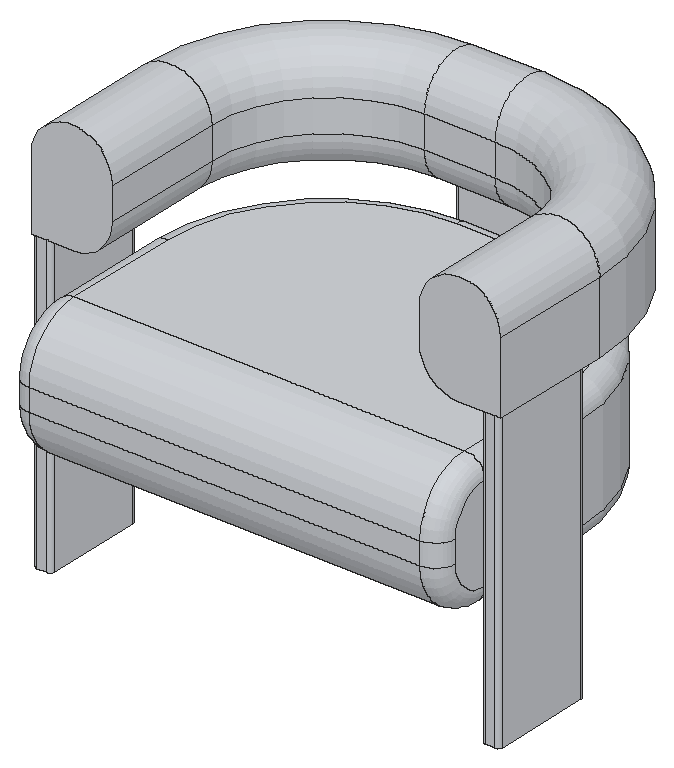
Revit family "Gohome_ClubLounge_SingleSeat_R19", category Furniture, Revit 2019
Family settings
  OmniClass Number = 23.40.20.00
  OmniClass Title = General Furniture and Specialties
  Work Plane-Based = No
  Always vertical = Yes
  Cut with Voids When Loaded = No
  Shared = No
  Room Calculation Point = No
Parameters (values of type "Club Single Seat Lounge")
  With Screen = no
  Width = 830 mm  # constant formula
  URL = "www.gohome.com.au"
  Timber Leg Material = none
  Upholstery Material = none
  Seat Height = 450 mm  # constant formula
  Model = "Club Single Seat Lounge"
  Manufacturer = "gohome"  # constant formula
  Height = if(With Screen, 1300 mm, 730 mm)  # 730 mm
  Designer = "Ben McCarthy"  # constant formula
  Depth = 630 mm  # constant formula
  Contact = "phone: +61 2 9565 5510 / email: sales@gohome.com.au"  # constant formula
Types (3, lengths in mm): name | With Screen | Model | Height
  (no name) | no | "Club Single Seat Lounge" | 730
  Club Single Seat Lounge | no | "Club Single Seat Lounge" | 730
  Club Single Seat w/Screen Lounge | yes | "Club Single Seat w/Screen Lounge" | 1300
Reference planes
  plane 1 "Center (Front/Back)": y = 0
  plane 2: z = 0
  plane 3 "Center (Left/Right)": x = 0
  plane 4: x = -415
  plane 5: y = 313
  plane 6: x = 415
  plane 7: y = -317
Forms (mm)
  Extrusion 1, solid, material <- "Timber Leg Material"
    sketch origin (0, 0, 0) x (1, 0, 0) y (0, 1, 0)
      loop
        arc (-407.5, -35) -> (-412.803, -37.197) -> (-415, -42.5) r 7.5
        line (-415, -42.5) -> (-415, -217.5)
        arc (-415, -217.5) -> (-412.803, -222.803) -> (-407.5, -225) r 7.5
        line (-407.5, -225) -> (-390.5, -225)
        arc (-390.5, -225) -> (-385.197, -222.803) -> (-383, -217.5) r 7.5
        line (-383, -217.5) -> (-383, -42.5)
        arc (-383, -42.5) -> (-385.197, -37.197) -> (-390.5, -35) r 7.5
        line (-390.5, -35) -> (-407.5, -35)
      loop
        arc (390.5, -35) -> (385.197, -37.197) -> (383, -42.5) r 7.5
        line (383, -42.5) -> (383, -217.5)
        arc (383, -217.5) -> (385.197, -222.803) -> (390.5, -225) r 7.5
        line (390.5, -225) -> (407.5, -225)
        arc (407.5, -225) -> (412.803, -222.803) -> (415, -217.5) r 7.5
        line (415, -217.5) -> (415, -42.5)
        arc (415, -42.5) -> (412.803, -37.197) -> (407.5, -35) r 7.5
        line (407.5, -35) -> (390.5, -35)
      loop
        arc (-87.5, 345) -> (-92.803, 342.803) -> (-95, 337.5) r 7.5
        line (-95, 337.5) -> (-95, 320.5)
        arc (-95, 320.5) -> (-92.803, 315.197) -> (-87.5, 313) r 7.5
        line (-87.5, 313) -> (87.5, 313)
        arc (87.5, 313) -> (92.803, 315.197) -> (95, 320.5) r 7.5
        line (95, 320.5) -> (95, 337.5)
        arc (95, 337.5) -> (92.803, 342.803) -> (87.5, 345) r 7.5
        line (87.5, 345) -> (-87.5, 345)
    from 0 to 530
  Extrusion 2, solid, material <- "Upholstery Material"
    sketch origin (0, 0, 0) x (0, 1, 0) y (0, 0, 1)
      loop
        arc (-217, 415) -> (-262.962, 395.962) -> (-282, 350) r 65
        line (-282, 350) -> (-282, 310)
        arc (-282, 310) -> (-262.962, 264.038) -> (-217, 245) r 65
        line (-217, 245) -> (-217, 415)
    from -383 to 383
  Extrusion 3, solid, material <- "Upholstery Material"
    sketch origin (0, 0, 0) x (1, 0, 0) y (0, 1, 0)
      loop
        line (-348, -217) -> (348, -217) -> (348, -7)
        arc (348, -7) -> (264.525, 194.525) -> (63, 278) r 285
        line (63, 278) -> (-63, 278)
        arc (-63, 278) -> (-264.525, 194.525) -> (-348, -7) r 285
        line (-348, -7) -> (-348, -217)
    from 210 to 450
  Sweep 4, solid, material <- "Upholstery Material"
    path origin (0, 0, 0) x (1, 0, 0) y (0, 1, 0)
      loop
        line (348, -217) -> (348, -7)
        arc (348, -7) -> (264.525, 194.525) -> (63, 278) r 285
        line (63, 278) -> (-63, 278)
        arc (-63, 278) -> (-264.525, 194.525) -> (-348, -7) r 285
        line (-348, -7) -> (-348, -217)
    profile origin (348, -112, 0) x (1, 0, 0) y (0, 0, 1)
      loop
        line (0, 450) -> (0, 210)
        arc (0, 210) -> (24.749, 220.251) -> (35, 245) r 35
        line (35, 245) -> (35, 415)
        arc (35, 415) -> (24.749, 439.749) -> (0, 450) r 35
  Sweep 5, solid, material <- "Upholstery Material"
    path origin (0, 0, 0) x (0, 1, 0) y (0, 0, 1)
      loop
        arc (-217, 415) -> (-262.962, 395.962) -> (-282, 350) r 65
        line (-282, 350) -> (-282, 310)
        arc (-282, 310) -> (-262.962, 264.038) -> (-217, 245) r 65
    profile origin (0, -217, 415) x (0, 0, -1) y (1, 0, 0)
      loop
        line (0, -383) -> (0, 383)
        arc (0, 383) -> (-24.749, 372.749) -> (-35, 348) r 35
        line (-35, 348) -> (-35, -348)
        arc (-35, -348) -> (-24.749, -372.749) -> (0, -383) r 35
  Sweep 6, solid, material <- "Upholstery Material"
    path origin (0, 0, 0) x (1, 0, 0) y (0, 1, 0)
      loop
        line (-273, -225) -> (-273, -5)
        arc (-273, -5) -> (-211.492, 143.492) -> (-63, 205) r 210
        line (-63, 205) -> (63, 205)
        arc (63, 205) -> (211.492, 143.492) -> (273, -5) r 210
        line (273, -5) -> (273, -225)
    profile origin (273, -115, 0) x (1, 0, 0) y (0, 0, 1)
      loop
        line (70, 530) -> (145, 530) -> (145, 657.484)
        arc (145, 657.484) -> (72.5, 729.984) -> (0, 657.484) r 72.5
        line (0, 657.484) -> (0, 600)
        arc (0, 600) -> (20.503, 550.503) -> (70, 530) r 70
  Sweep 7, solid, material <- "Upholstery Material", visible <- "With Screen"
    path origin (0, 0, 0) x (1, 0, 0) y (0, 1, 0)
      loop
        line (419, -135) -> (419, -5)
        arc (419, -5) -> (314.73, 246.73) -> (63, 351) r 356
        line (63, 351) -> (-63, 351)
        arc (-63, 351) -> (-314.73, 246.73) -> (-419, -5) r 356
        line (-419, -5) -> (-419, -135)
    profile origin (419, -70, 0) x (-1, 0, 0) y (0, 0, 1)
      loop
        line (0, 350) -> (0, 1300) -> (-30, 1300) -> (-30, 350) -> (0, 350)
  Extrusion 8, solid, material <- "Upholstery Material", visible <- "With Screen"
    sketch origin (0, 0, 0) x (0, 1, 0) y (0, 0, 1)
      loop
        line (-225, 1210) -> (-225, 440)
        arc (-225, 440) -> (-198.64, 376.36) -> (-135, 350) r 90
        line (-135, 350) -> (-135, 1300)
        arc (-135, 1300) -> (-198.64, 1273.64) -> (-225, 1210) r 90
    from -449 to -419
  Extrusion 9, solid, material <- "Upholstery Material", visible <- "With Screen"
    sketch origin (0, 0, 0) x (0, 1, 0) y (0, 0, 1)
      loop
        line (-225, 1210) -> (-225, 440)
        arc (-225, 440) -> (-198.64, 376.36) -> (-135, 350) r 90
        line (-135, 350) -> (-135, 1300)
        arc (-135, 1300) -> (-198.64, 1273.64) -> (-225, 1210) r 90
    from 419 to 449
Cuts and joins
  joined: Extrusion 2, Extrusion 3, Sweep 4, Sweep 5
  joined: Sweep 7, Extrusion 8, Extrusion 9
Dimensions and locks
  aligned and locked: level to plane 2
Automatic sketch dimensions
  plane 1 "Center (Front/Back)" to Extrusion 1 sketch curve = 217.5 mm
  Extrusion 1 sketch curve to plane 3 "Center (Left/Right)" = 415 mm
  Extrusion 1 sketch curve to Extrusion 1 sketch curve = 7.5 mm  (x9)
  Extrusion 1 sketch curve to Extrusion 1 sketch curve = 17 mm  (x5)
  Extrusion 1 sketch curve to plane 3 "Center (Left/Right)" = 95 mm
  plane 3 "Center (Left/Right)" to Extrusion 1 sketch curve = 87.5 mm
  Extrusion 1 sketch curve to Extrusion 1 sketch curve = 0 mm
  plane 1 "Center (Front/Back)" to Extrusion 1 sketch curve = 42.5 mm  (x2)
  plane 3 "Center (Left/Right)" to Extrusion 1 sketch curve = 383 mm
  Extrusion 1 sketch curve to Extrusion 1 sketch curve = 182.5 mm
  Extrusion 1 sketch curve to plane 1 "Center (Front/Back)" = 313 mm
  plane 1 "Center (Front/Back)" to Extrusion 2 sketch curve = 282 mm
  Extrusion 2 sketch curve to Extrusion 2 sketch curve = 65 mm
  level to Extrusion 2 sketch curve = 245 mm
  Extrusion 2 sketch curve to Extrusion 2 sketch curve = 40 mm
  Extrusion 3 sketch curve to plane 3 "Center (Left/Right)" = 348 mm
  Extrusion 3 sketch curve to plane 3 "Center (Left/Right)" = 63 mm
  plane 3 "Center (Left/Right)" to Extrusion 3 sketch curve = 63 mm
  Extrusion 3 sketch curve to Extrusion 3 sketch curve = 285 mm
  plane 1 "Center (Front/Back)" to Extrusion 3 sketch curve = 217 mm
  Extrusion 3 sketch curve to Extrusion 3 sketch curve = 210 mm
  plane 1 "Center (Front/Back)" to Sweep 4 sketch curve = 7 mm  (x3)
  Sweep 4 sketch curve to plane 3 "Center (Left/Right)" = 63 mm
  plane 3 "Center (Left/Right)" to Sweep 4 sketch curve = 63 mm
  profile plane to Sweep 4 sketch curve = 0 mm
  level to Sweep 4 sketch curve = 415 mm
  Sweep 4 sketch curve to Sweep 4 sketch curve = 35 mm
  Sweep 4 sketch curve to Sweep 4 sketch curve = 205 mm
  Sweep 5 sketch curve to Sweep 5 sketch curve = 65 mm
  level to Sweep 5 sketch curve = 350 mm
  Sweep 5 sketch curve to Sweep 5 sketch curve = 40 mm
  Sweep 5 sketch curve to Sweep 5 sketch curve = 0 mm
  Sweep 5 sketch curve to profile plane = 0 mm
  profile plane to Sweep 5 sketch curve = 35 mm
  Sweep 5 sketch curve to plane 3 "Center (Left/Right)" = 383 mm
  plane 3 "Center (Left/Right)" to Sweep 5 sketch curve = 348 mm
  plane 1 "Center (Front/Back)" to Sweep 6 sketch curve = 5 mm  (x2)
  plane 4 to Sweep 6 sketch curve = 142 mm
  Sweep 6 sketch curve to plane 3 "Center (Left/Right)" = 63 mm
  plane 3 "Center (Left/Right)" to Sweep 6 sketch curve = 63 mm
  profile plane to Sweep 6 sketch curve = 0 mm
  Sweep 6 sketch curve to profile plane = 70 mm
  level to Sweep 6 sketch curve = 530 mm
  Sweep 6 sketch curve to Sweep 6 sketch curve = 57.484 mm
  Sweep 6 sketch curve to Sweep 6 sketch curve = 2.5 mm
  Sweep 7 sketch curve to plane 4 = 4 mm
  plane 1 "Center (Front/Back)" to Sweep 7 sketch curve = 5 mm  (x2)
  Sweep 7 sketch curve to plane 3 "Center (Left/Right)" = 63 mm
  plane 3 "Center (Left/Right)" to Sweep 7 sketch curve = 63 mm
  level to Sweep 7 sketch curve = 350 mm
  Sweep 7 sketch curve to Sweep 7 sketch curve = 30 mm
  Sweep 7 sketch curve to Sweep 7 sketch curve = 950 mm
  Sweep 7 sketch curve to profile plane = 0 mm
  plane 4 to Sweep 4 sketch curve = 67 mm
  plane 7 to Sweep 4 sketch curve = 100 mm  (x2)
  plane 7 to Sweep 5 sketch curve = 35 mm
  plane 7 to Sweep 6 sketch curve = 92 mm  (x2)
  plane 7 to Sweep 7 sketch curve = 182 mm  (x2)
  plane 7 to Extrusion 8 sketch curve = 92 mm
  Extrusion 8 sketch curve to Extrusion 8 sketch curve = 90 mm
  level to Extrusion 8 sketch curve = 440 mm
  Extrusion 8 sketch curve to Extrusion 8 sketch curve = 770 mm
  plane 7 to Extrusion 9 sketch curve = 92 mm
  Extrusion 9 sketch curve to Extrusion 9 sketch curve = 90 mm
  level to Extrusion 9 sketch curve = 350 mm
  Extrusion 9 sketch curve to Extrusion 9 sketch curve = 770 mm
